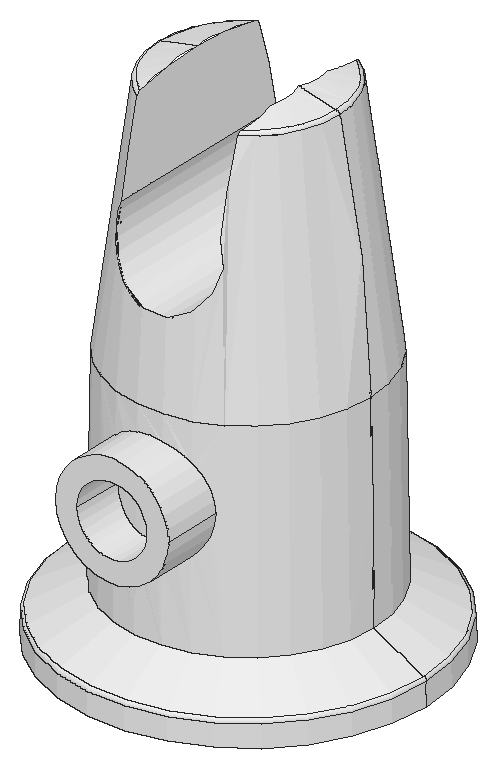
Revit family "Shower_Outlet_Elbow-GROHE-Movario-28484_Series", category Plumbing Fixtures, host Face, Revit 2014
Parameters (values of type "28484000")
  Width = 2 9/16"
  Waste Connection = no
  Warranty Documentation Link = "https://cdn.cloud.grohe.com/tpi/1000/1900/1940/1949/1949006/original/1949006.pdf"
  WFU = 4  # constant formula
  Vent Connection = no
  URL = "https://www.grohe.us/"
  Type Comments = ""
  Tempered Connection Radius = Tempered Connection Diameter / 2  # 1/4"
  Tempered Connection Diameter = Hot Water Connection Diameter  # 1/2"
  Product Page URL = "https://www.grohe.us/en_us/movario-shower-outlet-elbow-1-2-28484000.html"
  Price = "Prices may vary. Please consult Manufacturer Representative for most up-to-date price list."  # constant formula
  Model = "28484000"
  Material = "Metal-Grohe-000-Chrome"
  Manufacturer = "Grohe"
  Length = 3 3/16"  # constant formula
  Installation Type = "Wall Mounted"
  Hot Water Connection Radius = Hot Water Connection Diameter / 2  # 1/4"
  Hot Water Connection Diameter = Cold Water Connection Diameter  # 1/2"
  Height = 3 11/16"
  HWFU = 3  # constant formula
  Finish = Metal-Grohe-000-Chrome
  Description = "Movario Shower outlet elbow, 1/2\""
  Default Elevation = 0"  # constant formula
  Creation Date = "03/09/2017"  # constant formula
  Cold Water Connection Radius = 1/4"  # constant formula
  Cold Water Connection Diameter = Cold Water Connection Radius * 2  # 1/2"
  CWFU = 3  # constant formula
  Assembly Code = "D2090800"
Types (5): name | Product Page URL | Model | Material | Finish
  (no name) | "https://www.grohe.us/en_us/movario-shower-outlet-elbow-1-2-28484000.html" | "28484000" | "Metal-Grohe-000-Chrome" | Metal-Grohe-000-Chrome
  28484EN0 | "https://www.grohe.us/en_us/movario-shower-outlet-elbow-1-2-28484EN0.html" | "28484EN0" | "Metal-Grohe-EN0-Brushed Nickel" | Metal-Grohe-EN0-Brushed Nickel
  28484000 | "https://www.grohe.us/en_us/movario-shower-outlet-elbow-1-2-28484000.html" | "28484000" | "Metal-Grohe-000-Chrome" | Metal-Grohe-000-Chrome
  28484BE0 | "https://www.grohe.us/en_us/movario-shower-outlet-elbow-1-2-28484BE0.html" | "28484BE0" | "Metal-Grohe-BE0-Sterling" | Metal-Grohe-BE0-Sterling
  28484ZB0 | "https://www.grohe.us/en_us/movario-shower-outlet-elbow-1-2-28484ZB0.html" | "28484ZB0" | "Metal-Grohe-ZB0-Antique Bronze" | Metal-Grohe-ZB0-Antique Bronze
Reference planes (in)
  plane 1 "Center (Front/Back)": y = 0
  plane 2: z = 0
  plane 3 "Center (Left/Right)": x = 0
  plane 4: z = 0.78328
  plane 5: z = 3.6875
  plane 6: y = 1.28125
  plane 7: y = -1.28125
  plane 8: z = 1.27609
Forms (in)
  Revolve 1, solid, material "Metal-Grohe-000-Chrome" <- "Finish"
    sketch origin (0, 0, 0) x (1, 0, 0) y (0, 0, 1)
      loop
        line (1.27609, 0) -> (1.27344, 0.15649)
        arc (1.27344, 0.15649) -> (1.26839, 0.17374) -> (1.25523, 0.18599) r 0.03394
        line (1.25523, 0.18599) -> (0.9006, 0.37136)
        arc (0.9006, 0.37136) -> (0.89355, 1.10653) -> (0.87822, 1.84157) r 65.38697
        arc (0.87822, 1.84157) -> (0.80975, 2.71266) -> (0.65126, 3.57194) r 8.40939
        arc (0.65126, 3.57194) -> (0.64299, 3.58723) -> (0.62817, 3.59632) r 0.03356
        arc (0.62817, 3.59632) -> (0.31738, 3.66464) -> (0, 3.68757) r 2.2079
        line (0, 3.68757) -> (0, 0) -> (1.27609, 0)
      axis (0, 0) -> (0, 3.68757)
    angle from 0 to 360
  Extrusion 2, solid, material "Metal-Grohe-000-Chrome" <- "Finish"
    sketch origin (0, 0, 0) x (1, 0, 0) y (0, 0, 1)
      loop
        circle (0, 1.27609) r 0.25
      loop
        circle (0, 1.27609) r 0.40201
    from 0 to 1.21719
  Extrusion 3, void
    sketch origin (0, 0, 0) x (1, 0, 0) y (0, 0, 1)
      loop
        arc (0.35338, 2.96948) -> (0.35669, 3.3899) -> (0.37137, 3.81009) r 15.56059
        line (0.37137, 3.81009) -> (-0.37137, 3.81009)
        arc (-0.37137, 3.81009) -> (-0.35669, 3.3899) -> (-0.35338, 2.96948) r 15.56059
        arc (-0.35338, 2.96948) -> (0, 2.43279) -> (0.35338, 2.96948) r 0.38468
    from -1.30086 to 1.28125
Cuts and joins
  Extrusion 3 cuts Revolve 1
  joined: Revolve 1, Extrusion 2
Lines and regions (in)
  Masking region 1
    outline origin (0, 0, 0) x (1, 0, 0) y (0, 0, 1)
      loop
        line (1.27609, 0) -> (1.27338, 0.15538)
        arc (1.27338, 0.15538) -> (1.26878, 0.17253) -> (1.25668, 0.18551) r 0.03669
        line (1.25668, 0.18551) -> (0.9006, 0.37136)
        arc (0.9006, 0.37136) -> (0.8954, 1.17425) -> (0.87258, 1.97684) r 36.60202
        arc (0.87258, 1.97684) -> (0.80194, 2.77552) -> (0.65376, 3.56352) r 8.21363
        arc (0.65376, 3.56352) -> (0.64359, 3.58806) -> (0.61905, 3.59823) r 0.03471
        arc (0.61905, 3.59823) -> (0.49332, 3.63394) -> (0.36471, 3.65723) r 1.3401
        arc (0.36471, 3.65723) -> (0.35524, 3.31342) -> (0.35338, 2.96948) r 15.56059
        arc (0.35338, 2.96948) -> (0, 2.43279) -> (-0.35338, 2.96948) r 0.38468
        arc (-0.35338, 2.96948) -> (-0.35524, 3.31342) -> (-0.36471, 3.65723) r 15.56059
        arc (-0.36471, 3.65723) -> (-0.49332, 3.63394) -> (-0.61905, 3.59823) r 1.3401
        arc (-0.61905, 3.59823) -> (-0.64359, 3.58806) -> (-0.65376, 3.56352) r 0.03471
        arc (-0.65376, 3.56352) -> (-0.80194, 2.77552) -> (-0.87258, 1.97684) r 8.21363
        arc (-0.87258, 1.97684) -> (-0.8954, 1.17425) -> (-0.9006, 0.37136) r 36.60202
        line (-0.9006, 0.37136) -> (-1.25668, 0.18551)
        arc (-1.25668, 0.18551) -> (-1.26878, 0.17253) -> (-1.27338, 0.15538) r 0.03669
        line (-1.27338, 0.15538) -> (-1.27609, 0) -> (1.27609, 0)
  symbolic lines, style "PlumbingFixtures", detail levels medium+fine
    curve 1: line (0.9006, 0, 0.37136) -> (-0.9006, 0, 0.37136)
Dimensions and locks (in)
  "Height": plane 5 to level
  equal spacing: plane 6, plane 1 "Center (Front/Back)", plane 7
  "Width": plane 6 to plane 7
  aligned and locked: plane 2 to host face
  aligned and locked: level to host face
  aligned and locked: Extrusion 3 to plane 7
Automatic sketch dimensions
  host sketch curve to host sketch curve = 96"  (x2)
  Revolve 1 sketch curve to plane 3 "Center (Left/Right)" = 0"  (x2)
  Revolve 1 sketch curve to plane 8 = 0.34295"
  level to Revolve 1 sketch curve = 0.11128"
  Revolve 1 sketch curve to Revolve 1 sketch curve = 56.95762"
  Revolve 1 sketch curve to plane 5 = 0.12335"
  plane 3 "Center (Left/Right)" to Revolve 1 sketch curve = 0.61863"
  level to Revolve 1 sketch curve = 0.37136"
  plane 3 "Center (Left/Right)" to Revolve 1 sketch curve = 0.9006"
  level to Revolve 1 sketch curve = 0.15592"
  Revolve 1 sketch curve to Revolve 1 sketch curve = 0.33891"
  level to Revolve 1 sketch curve = 0.18599"
  Revolve 1 sketch curve to Revolve 1 sketch curve = 0.01572"
  level to Revolve 1 sketch curve = 0.15649"
  Revolve 1 sketch curve to Revolve 1 sketch curve = 0.00264"
  Revolve 1 sketch curve to plane 8 = 0.20358"
  Revolve 1 sketch curve to Revolve 1 sketch curve = 0"  (x2)
  Revolve 1 sketch curve to Revolve 1 sketch curve = 0.42568"
  plane 5 to Revolve 1 sketch curve = 0.25474"
  Revolve 1 sketch curve to Revolve 1 sketch curve = 0.00955"
  Revolve 1 sketch curve to level = 0"
  Revolve 1 sketch curve to plane 3 "Center (Left/Right)" = 7.52822"
  Extrusion 2 sketch curve to Extrusion 2 sketch curve = 0"  (x2)
  Extrusion 2 sketch curve to plane 3 "Center (Left/Right)" = 0"
  Extrusion 2 sketch curve to plane 8 = 0"
  Extrusion 3 sketch curve to plane 3 "Center (Left/Right)" = 0"
  plane 5 to Extrusion 3 sketch curve = 0.12259"
  Extrusion 3 sketch curve to plane 5 = 0.63051"  (x2)
  Extrusion 3 sketch curve to plane 3 "Center (Left/Right)" = 15.91372"
  plane 3 "Center (Left/Right)" to Extrusion 3 sketch curve = 15.91372"
  Extrusion 3 sketch curve to plane 5 = 0.87003"
  Extrusion 3 sketch curve to plane 3 "Center (Left/Right)" = 0.35338"
  Extrusion 3 sketch curve to plane 3 "Center (Left/Right)" = 0.37137"
  plane 3 "Center (Left/Right)" to Extrusion 3 sketch curve = 0.35338"
  Masking region 1 sketch curve to level = 0"
  Masking region 1 sketch curve to plane 3 "Center (Left/Right)" = 0"
  Masking region 1 sketch curve to plane 3 "Center (Left/Right)" = 0.19046"
  Masking region 1 sketch curve to plane 5 = 0.12398"  (x2)
  Masking region 1 sketch curve to plane 3 "Center (Left/Right)" = 0.61905"
  level to Masking region 1 sketch curve = 0.37136"  (x2)
  Masking region 1 sketch curve to plane 3 "Center (Left/Right)" = 0.9006"
  level to Masking region 1 sketch curve = 0.15474"  (x2)
  Masking region 1 sketch curve to Masking region 1 sketch curve = 0.33609"  (x2)
  level to Masking region 1 sketch curve = 0.18551"  (x2)
  Masking region 1 sketch curve to Masking region 1 sketch curve = 0.01998"  (x2)
  level to Masking region 1 sketch curve = 0.15538"  (x2)
  Masking region 1 sketch curve to Masking region 1 sketch curve = 0.00271"  (x2)
  Masking region 1 sketch curve to plane 8 = 0.3773"  (x2)
  Masking region 1 sketch curve to Masking region 1 sketch curve = 6.0613"  (x2)
  Masking region 1 sketch curve to plane 5 = 0.63051"  (x2)
  Masking region 1 sketch curve to Masking region 1 sketch curve = 8.57904"  (x2)
  plane 4 to Masking region 1 sketch curve = 0.24782"  (x2)
  Masking region 1 sketch curve to Masking region 1 sketch curve = 19.78734"  (x2)
  plane 3 "Center (Left/Right)" to Masking region 1 sketch curve = 0.19046"
  plane 3 "Center (Left/Right)" to Masking region 1 sketch curve = 0.61905"
  plane 3 "Center (Left/Right)" to Masking region 1 sketch curve = 0.9006"
  Masking region 1 sketch curve to Masking region 1 sketch curve = 0.35167"
  Masking region 1 sketch curve to Masking region 1 sketch curve = 0"
  Masking region 1 sketch curve to Masking region 1 sketch curve = 0.48896"
  Masking region 1 sketch curve to plane 3 "Center (Left/Right)" = 0.35338"
  Masking region 1 sketch curve to plane 5 = 0.03027"  (x2)
  Masking region 1 sketch curve to Masking region 1 sketch curve = 0.25433"
  plane 3 "Center (Left/Right)" to Masking region 1 sketch curve = 0.35338"
  level to curve 1 = 0.37136"
  curve 1 to plane 3 "Center (Left/Right)" = 0.9006"
  plane 3 "Center (Left/Right)" to curve 1 = 0.9006"
  radius of Extrusion 2 sketch curve = 1/4"
  radius of Extrusion 2 sketch curve = 0.40201"
Connectors (in)
  piping at (0, 0, 0), diameter 0.5, driven by "Tempered Connection Diameter"
    settings: on cut or joined group of Revolve 1, Extrusion 2, Extrusion 3, index 1, connector inside diameter 24", connector length 0", flow factor 0, pipe flow 0 GPM, pressure drop 0.00 psi, fitting loss kfactor 0, connector angle 0.00°, fixture units 0, engagement length 0", angle of deflection 0.00°, flow configuration 0, flow direction 1, fitting loss method 0, system type 29, joint type 0, gender type 0, connector reference index -1, connector utility 0, adjustable connector no, is connector primary yes, connector description "1/2\" NPT Supply Inlet"
  piping at (0, -1.21719, 1.27609), diameter 0.5, driven by "Tempered Connection Diameter"
    settings: on cut or joined group of Revolve 1, Extrusion 2, Extrusion 3, index 2, connector inside diameter 24", connector length 0", flow factor 0, pipe flow 0 GPM, pressure drop 0.00 psi, fitting loss kfactor 0, connector angle 0.00°, fixture units 0, engagement length 0", angle of deflection 0.00°, flow configuration 0, flow direction 2, fitting loss method 0, system type 29, joint type 0, gender type 0, connector reference index -1, connector utility 0, adjustable connector no, is connector primary no, connector description "1/2\" NPT Supply Outlet"
